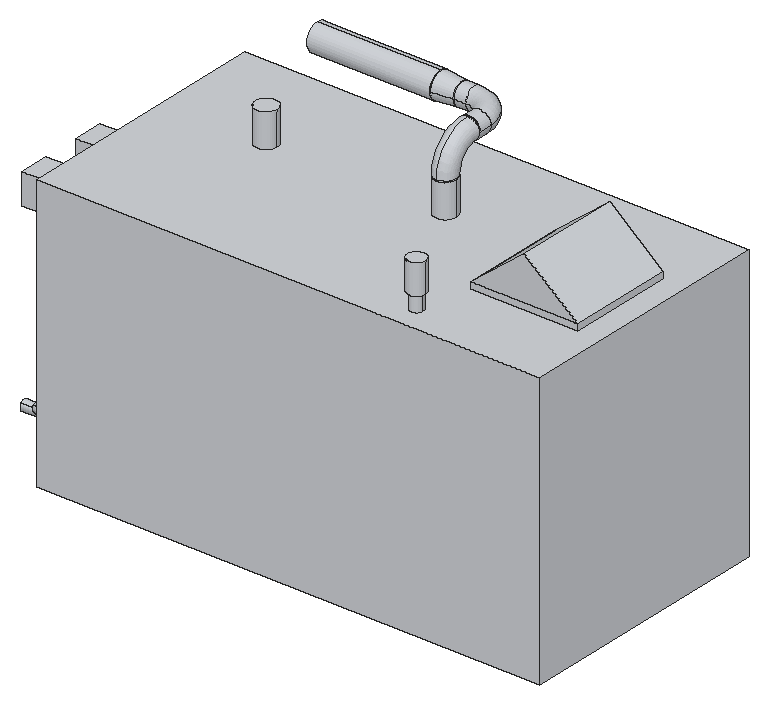
Revit family "AMP_BFIT 1500 Boiler 1", category Mechanical Equipment, Revit 2021
Family settings
  Round Connector Dimension = Use Diameter
  Part Type = Normal
  OmniClass Number = 23.75.00.00
  OmniClass Title = Climate Control (HVAC)
  Work Plane-Based = No
  Always vertical = Yes
  Cut with Voids When Loaded = No
  Shared = No
  Room Calculation Point = No
Parameters (values of type "AMP/BFIT 1500 Boiler")
  Width = 34 1/4"
  Length = 66 1/8"
  Height = 36 1/8"
  Voltage = ""
  Vent = "8\" EZ Vent"
  Manufacturer = "Bryan Steam"  # constant formula
  Hydronic Supply = "3\" Victaulic"
  Hydronic Return = "2-1/2\" Victaulic"
  Gas Train = "1-1/4\" NPT"
  Default Elevation = 0"
  Condensate Trap = "1\" Pipe"
  Boiler Drain = "3/4\" NPT"
  Air Supply = "8\""
Reference planes (in)
  plane 1 "Center (Front/Back)": y = 0
  plane 2: z = 0
  plane 3 "Center (Left/Right)": x = 0
  plane 4 "Vent": y = 3.75
  plane 5 "Condensate Trap": y = -12
  plane 6 "Supply 2.5" Victualic Elbow Style 10": x = 3.9725
  plane 7 "3" Supply Manifold": z = 44.375
  plane 8 "3" Supply Elbow Victaulic Style 10": y = 12.875
  plane 9 "Condensate Height": z = 5.75
  plane 10 "Condensate Angle": through (0, -12, 5.75) normal (0, -0.6203, -0.7843)
Forms (in)
  Extrusion 1, solid
    sketch origin (0, 0, 0) x (1, 0, 0) y (0, 1, 0)
      loop
        line (-33.0625, 17.125) -> (-33.0625, -17.125) -> (33.0625, -17.125) -> (33.0625, 17.125) -> (-33.0625, 17.125)
    from 0 to 36.125
  Extrusion 2, solid
    sketch origin (0, 0, 36.125) x (1, 0, 0) y (0, 1, 0)
      loop
        line (15.9665, 6.875) -> (15.9665, -7.125) -> (30.0625, -7.125) -> (30.0625, 6.875) -> (15.9665, 6.875)
    from 0 to 0.85156
  Extrusion 3, solid
    sketch origin (30.0625, -7.125, 36.125) x (-1, 0, 0) y (0, 0, -1)
      loop
        line (14.096, -0.85156) -> (0, -0.85156) -> (7.048, -6.57727) -> (14.096, -0.85156)
    from 0 to -14
  Extrusion 4, solid
    sketch origin (0, 0, 36.125) x (1, 0, 0) y (0, 1, 0)
      loop
        circle (-19.5625, 3.75) r 1.4375
      loop
        circle (3.9725, 3.75) r 1.4375
    from 0 to 4.375
  Extrusion 5, solid
    sketch origin (-33.0625, -17.125, 0) x (0, 1, 0) y (0, 0, -1)
      loop
        circle (28.125, -11.125) r 3.9375
      loop
        circle (28.125, -11.125) r 3.71875
    from 0 to 6.25
  Sweep 6, solid
    path origin (3.9725, 0, 0) x (0, 1, 0) y (0, 0, 1)
      loop
        line (3.72786, 40.5) -> (3.72786, 40.65)
        arc (3.72786, 40.65) -> (4.82621, 43.30165) -> (7.47786, 44.4) r 3.75
        line (7.47786, 44.4) -> (7.62786, 44.4)
    profile origin (3.9725, 3.72786, 40.575) x (0, -1, 0) y (1, 0, 0)
      loop
        circle (0, 0) r 1.41931
  Sweep 7, solid
    path origin (0, 0, 44.375) x (1, 0, 0) y (0, 1, 0)
      loop
        line (3.9725, 7.62786) -> (3.9725, 9.37786)
        arc (3.9725, 9.37786) -> (2.94737, 11.85273) -> (0.4725, 12.87786) r 3.5
        line (0.4725, 12.87786) -> (-1.1525, 12.87786)
    profile origin (3.9725, 8.50286, 44.375) x (-1, 0, 0) y (0, 0, 1)
      loop
        circle (0, 0) r 1.42969
  SweptBlend 8, solid
    path origin (0, 0, 44.375) x (1, 0, 0) y (0, 1, 0)
      loop
        line (-1.1525, 12.75286) -> (-3.9525, 12.75286)
    profile origin (-1.1525, 12.75286, 44.375) x (0, -1, 0) y (0, 0, 1)
      loop
        circle (-0.125, 0) r 1.42969
    end profile origin (-3.9525, 12.75286, 44.375) x (0, -1, 0) y (0, 0, 1)
      loop
        circle (-0.125, 0) r 1.75
  Extrusion 9, solid
    sketch origin (-3.9525, 12.87786, 44.375) x (0, 0, -1) y (0, -1, 0)
      loop
        circle (0, -0.00256) r 1.75249
    from 0 to 16.19922
  Extrusion 10, solid
    sketch origin (-33.0625, -17.125, 0) x (0, 1, 0) y (0, 0, -1)
      loop
        line (13.595, -35.9375) -> (13.595, -31.9375) -> (9.595, -31.9375) -> (9.595, -35.9375) -> (13.595, -35.9375)
      loop
        line (4.72, -35.937) -> (4.72, -31.937) -> (0.72, -31.937) -> (0.72, -35.937) -> (4.72, -35.937)
    from 0 to 2.48047
  Revolve 11, solid
    sketch origin (0, 3.75, 0) x (-1, 0, 0) y (0, 0, 1)
      loop
        line (39.4375, 24.125) -> (39.22711, 28.13949) -> (31.98705, 27.76006) -> (32.19744, 23.74556) -> (39.4375, 24.125)
      axis (32.19744, 23.74556) -> (39.4375, 24.125)
    angle from 0 to 360
  Extrusion 12, solid
    sketch origin (-33.0625, -17.125, 0) x (0, 1, 0) y (0, 0, -1)
      loop
        circle (20.875, -32.125) r 0.525
    from 0 to 1.125
  Extrusion 13, solid
    sketch origin (0, 0, 36.125) x (1, 0, 0) y (0, 1, 0)
      loop
        circle (14.1875, -13.75) r 0.83
    from 0 to 2.125
  Extrusion 14, solid
    sketch origin (0, 0, 38.25) x (1, 0, 0) y (0, 1, 0)
      loop
        circle (14.1875, -13.75) r 1.1875
    from 0 to 3.875
  Extrusion 15, solid
    sketch origin (-34.1875, -17.125, 0) x (0, 1, 0) y (0, 0, -1)
      loop
        circle (20.875, -32.125) r 0.75
    from 0 to 2.375
  Sweep 16, solid
    path origin (0, -2.37756, -1.86026) x (0, -0.784343, 0.620327) y (-1, 0, 0)
      loop
        line (12.26906, 33.0625) -> (12.26906, 36)
        arc (12.26906, 36) -> (11.82972, 37.06066) -> (10.76906, 37.5) r 1.5
        line (10.76906, 37.5) -> (7.89406, 37.5)
        arc (7.89406, 37.5) -> (6.8334, 37.93934) -> (6.39406, 39) r 1.5
        line (6.39406, 39) -> (6.39406, 42.4375)
    profile origin (-34.53125, -12.00072, 5.75057) x (0, 0.784343, -0.620327) y (0, -0.620327, -0.784343)
      loop
        circle (0, 0) r 0.6575
  Extrusion 17, solid
    sketch origin (-33.0625, -17.125, 0) x (0, 1, 0) y (0, 0, -1)
      loop
        line (33.9375, -16.9375) -> (33.9375, -5.3125) -> (22.3125, -5.3125) -> (22.3125, -16.9375) -> (33.9375, -16.9375)
    from 0 to 4.625
Dimensions and locks (in)
  "Height": Extrusion 1 to level
  equal spacing: Extrusion 1 sketch curve, plane 3 "Center (Left/Right)", Extrusion 1 sketch curve
  "Length": Extrusion 1 sketch curve to Extrusion 1 sketch curve
  equal spacing: Extrusion 1 sketch curve, plane 1 "Center (Front/Back)", Extrusion 1 sketch curve
  "Width": Extrusion 1 sketch curve to Extrusion 1 sketch curve
  Extrusion 2 sketch curve to Extrusion 1 = 3"
  locked: Extrusion 2 sketch curve to Extrusion 2 sketch curve at 14.096
  locked: Extrusion 2 sketch curve to Extrusion 2 sketch curve at 14
  locked: Extrusion 2 sketch curve to Extrusion 1 at 10
  locked: Extrusion 1 to Extrusion 4 sketch curve at 13.375  (x2)
  equal spacing: Extrusion 1, Extrusion 4 sketch curve, Extrusion 4 sketch curve
  Extrusion 4 sketch curve to Extrusion 4 sketch curve = 23.535"
  locked: Extrusion 1 to Extrusion 5 sketch curve at 11.125
  locked: Extrusion 1 to Extrusion 5 sketch curve at 6.125
  locked: Sweep 6 sketch curve to Sweep 6 sketch curve at 3.9  (x2)
  locked: level to plane 7 "3" Supply Manifold" at 44.375
  Sweep 7 sketch curve to Sweep 6 = 5 1/4"
  Sweep 7 sketch curve to Sweep 7 sketch curve = 5 1/8"
  locked: SweptBlend 8 sketch curve to SweptBlend 8 sketch curve at 2.8
  SweptBlend 8 sketch curve to Sweep 7 = 0"
  plane 3 "Center (Left/Right)" to plane 6 "Supply 2.5" Victualic Elbow Style 10" = 3.9725"
  locked: plane 8 "3" Supply Elbow Victaulic Style 10" to plane 1 "Center (Front/Back)" at 12.875
  locked: plane 4 "Vent" to plane 1 "Center (Front/Back)" at 3.75
  locked: plane 5 "Condensate Trap" to plane 1 "Center (Front/Back)" at 12
  locked: Extrusion 10 sketch curve to Extrusion 10 sketch curve at 4  (x4)
  locked: Revolve 11 sketch curve to Revolve 11 sketch curve at 4.02
  Extrusion 1 to Extrusion 12 sketch curve = 32 1/8"
  Extrusion 1 to Extrusion 12 sketch curve = 13 3/8"
  locked: Extrusion 1 to Extrusion 13 sketch curve at 3.375
  locked: Extrusion 13 sketch curve to Extrusion 1 at 18.875
  locked: Extrusion 1 to Extrusion 14 sketch curve at 3.375
  locked: Extrusion 14 sketch curve to Extrusion 1 at 18.875
  locked: Extrusion 1 to Extrusion 15 sketch curve at 4
  locked: Extrusion 1 to Extrusion 15 sketch curve at 13.375
  locked: plane 9 "Condensate Height" to level at 5.75
  locked: Sweep 16 sketch curve to Extrusion 1 at 4.4375
  locked: Sweep 16 sketch curve to Extrusion 1 at 9.375
  locked: Sweep 16 sketch curve to Sweep 16 sketch curve at 5.875
  locked: Extrusion 17 sketch curve to Extrusion 17 sketch curve at 11.625  (x2)
  locked: Extrusion 1 to Extrusion 17 sketch curve at 0.3125
  locked: Extrusion 17 sketch curve to Extrusion 1 at 5.3125
  diameter of Extrusion 5 sketch curve = 7 7/16"
  diameter of Extrusion 5 sketch curve = 7 7/8"
  diameter of Extrusion 13 sketch curve = 1.66"
  diameter of Extrusion 14 sketch curve = 2 3/8"
  diameter of Extrusion 15 sketch curve = 1 1/2"
  diameter of Sweep 16 sketch curve = 1.315"
  locked: plane 9 "Condensate Height" to plane 10 "Condensate Angle" (angle 38.34°)
  aligned and locked: level to plane 2
Automatic sketch dimensions
  Extrusion 3 sketch curve to Extrusion 2 = 0"  (x3)
  Extrusion 3 sketch curve to Extrusion 2 = 7.048"
  Extrusion 3 sketch curve to Extrusion 2 = 5.72571"
  Extrusion 5 sketch curve to Extrusion 5 sketch curve = 0"  (x2)
  Sweep 6 sketch curve to plane 4 "Vent" = 0.02214"
  plane 4 "Vent" to Sweep 6 sketch curve = 3.72786"
  Sweep 6 sketch curve to plane 6 "Supply 2.5" Victualic Elbow Style 10" = 0"
  Sweep 6 sketch curve to profile plane = 0"
  Sweep 7 sketch curve to plane 6 "Supply 2.5" Victualic Elbow Style 10" = 0"
  Sweep 7 sketch curve to Sweep 7 sketch curve = 1 5/8"
  Sweep 7 sketch curve to Sweep 7 sketch curve = 1 3/4"
  Sweep 7 sketch curve to plane 7 "3" Supply Manifold" = 0"
  Sweep 7 sketch curve to profile plane = 0"
  plane 4 "Vent" to SweptBlend 8 sketch curve = 9.00286"
  SweptBlend 8 sketch curve to plane 7 "3" Supply Manifold" = 0"  (x2)
  profile plane to SweptBlend 8 sketch curve = 1/8"  (x2)
  Revolve 11 sketch curve to Revolve 11 sketch curve = 0.37944"
  Revolve 11 sketch curve to Revolve 11 sketch curve = 0"  (x2)
  Extrusion 4 sketch curve to Extrusion 1 = 13 1/2"
  Sweep 6 sketch curve to plane 7 "3" Supply Manifold" = 3.725"
  Extrusion 1 to Extrusion 10 sketch curve = 0.188"
  Extrusion 10 sketch curve to Extrusion 1 = 0.72"
  Extrusion 1 to Extrusion 10 sketch curve = 3/16"
  Extrusion 10 sketch curve to Extrusion 10 sketch curve = 4 7/8"
  Revolve 11 sketch curve to plane 3 "Center (Left/Right)" = 31.98705"
  Revolve 11 sketch curve to plane 7 "3" Supply Manifold" = 20.62944"
  Revolve 11 sketch curve to Revolve 11 sketch curve = 0.21039"
  Revolve 11 sketch curve to plane 7 "3" Supply Manifold" = 21.07429"
  Sweep 16 sketch curve to plane 3 "Center (Left/Right)" = 39"
  Sweep 16 sketch curve to Sweep 16 sketch curve = 1 1/2"
  Sweep 16 sketch curve to Sweep 16 sketch curve = 2 15/16"
  plane 10 "Condensate Angle" to Sweep 16 sketch curve = 0"
  Sweep 16 sketch curve to profile plane = 0"
  radius of Sweep 6 sketch curve = 1.41931"
  radius of Sweep 7 sketch curve = 1 55/128"
  radius of Extrusion 9 sketch curve = 1.75249"
  radius of SweptBlend 8 sketch curve = 1 55/128"
  radius of SweptBlend 8 sketch curve = 1 3/4"
  radius of Extrusion 4 sketch curve = 1 7/16"  (x2)
  radius of Extrusion 12 sketch curve = 0.525"
Connectors (in)
  piping at (-19.5625, 3.75, 40.5), diameter 2.5
    settings: on Extrusion 4, index 2, connector inside diameter 24", connector length 0", flow factor 0, pipe flow 0 GPM, pressure drop 0.00 psi, fitting loss kfactor 0, connector angle 0.00°, fixture units 0, engagement length 0", angle of deflection 0.00°, flow configuration 0, flow direction 1, fitting loss method 0, system type 8, joint type 0, gender type 0, connector reference index -1, connector utility 0, adjustable connector no, is connector primary yes, connector description ""
  piping at (-39.3125, 11, 11.125), diameter 8
    settings: on Extrusion 5, index 4, connector inside diameter 24", connector length 0", flow factor 0, pipe flow 0 GPM, pressure drop 0.00 psi, fitting loss kfactor 0, connector angle 0.00°, fixture units 0, engagement length 0", angle of deflection 0.00°, flow configuration 0, flow direction 1, fitting loss method 0, system type 22, joint type 0, gender type 0, connector reference index -1, connector utility 0, adjustable connector no, is connector primary no, connector description ""
  piping at (-39.4375, 3.75, 24.125), diameter 8
    settings: on Revolve 11, index 5, connector inside diameter 24", connector length 0", flow factor 0, pipe flow 0 GPM, pressure drop 0.00 psi, fitting loss kfactor 0, connector angle 0.00°, fixture units 0, engagement length 0", angle of deflection 0.00°, flow configuration 0, flow direction 2, fitting loss method 0, system type 17, joint type 0, gender type 0, connector reference index -1, connector utility 0, adjustable connector no, is connector primary no, connector description ""
  piping at (-20.15172, 12.88041, 44.375), diameter 3
    settings: on Extrusion 9, index 8, connector inside diameter 24", connector length 0", flow factor 0, pipe flow 0 GPM, pressure drop 0.00 psi, fitting loss kfactor 0, connector angle 0.00°, fixture units 0, engagement length 0", angle of deflection 0.00°, flow configuration 0, flow direction 2, fitting loss method 0, system type 7, joint type 0, gender type 0, connector reference index -1, connector utility 0, adjustable connector no, is connector primary no, connector description ""
  piping at (14.1875, -13.75, 42.125), diameter 1.25
    settings: on Extrusion 14, index 10, connector inside diameter 24", connector length 0", flow factor 0, pipe flow 0 GPM, pressure drop 0.00 psi, fitting loss kfactor 0, connector angle 0.00°, fixture units 0, engagement length 0", angle of deflection 0.00°, flow configuration 0, flow direction 1, fitting loss method 0, system type 22, joint type 0, gender type 0, connector reference index -1, connector utility 0, adjustable connector no, is connector primary no, connector description ""
  piping at (-36.5625, 3.75, 32.125), diameter 0.75
    settings: on Extrusion 15, index 11, connector inside diameter 24", connector length 0", flow factor 0, pipe flow 0 GPM, pressure drop 0.00 psi, fitting loss kfactor 0, connector angle 0.00°, fixture units 0, engagement length 0", angle of deflection 0.00°, flow configuration 0, flow direction 2, fitting loss method 0, system type 22, joint type 0, gender type 0, connector reference index -1, connector utility 0, adjustable connector no, is connector primary no, connector description ""
  piping at (-42.4375, -7.3927, 2.10615), diameter 1
    settings: on Sweep 16, index 12, connector inside diameter 24", connector length 0", flow factor 0, pipe flow 0 GPM, pressure drop 0.00 psi, fitting loss kfactor 0, connector angle 0.00°, fixture units 0, engagement length 0", angle of deflection 0.00°, flow configuration 0, flow direction 2, fitting loss method 0, system type 22, joint type 0, gender type 0, connector reference index -1, connector utility 0, adjustable connector no, is connector primary no, connector description ""
